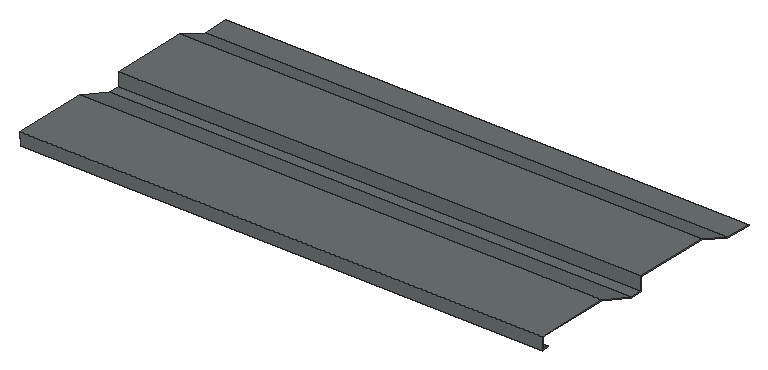
Revit family "BIMLIB_СайдингМеталлическийКорабельнаяДоска_GRANDLINE", category Обобщенные модели, Revit 2017
Family settings
  Может служить основой для арматурных стержней = Нет
  Размер круглого соединителя = Использовать диаметр
  Тип детали = Нормальный
  При загрузке вырезать с полостями = Нет
  Общий = Нет
  Точка расчета площади = Нет
Parameters (values of type "Корабельная доска")
  Смещение от плоскости [instance] = 0 mm
  Описание = ADSK_Наименование  # "Металлический сайдинг Корабельная доска"
  Изготовитель = "Grand Line"  # constant formula
  built-in parameter 1001306 [instance] = 500 mm
  Watermark [instance] = "Модели защищены уникальным кодом"
  URL = "https://www.grandline.ru"
  BL_Разработано = "support@bimlib.pro"
  BL_Email = "info@grandline.ru"
  BL_BIM library = "https://bimlib.pro/manufacturer/company/22430"
  ADSK_Размер_Ширина = 240 mm
  ADSK_Размер_Длина [instance] = [built-in parameter 1001306]  # 500 mm
  ADSK_Обозначение = "ГОСТ 19904-90, ГОСТ 14918-80"
  ADSK_Наименование = "Металлический сайдинг Корабельная доска"
  ADSK_Материал тип подсчета = 2  # constant formula
  ADSK_Материал = GL_Drap_RAL7016
  ADSK_Масса_Текст [instance] = ""
  ADSK_Масса [instance] = 0
  ADSK_Марка = ""
  ADSK_Количество [instance] = if(ADSK_Материал тип подсчета = 0, 1, if(ADSK_Материал тип подсчета = 1, ADSK_Размер_Длина / 1000 mm, if(ADSK_Материал тип подсчета = 2, ADSK_Размер_Длина * ADSK_Размер_Ширина / 1.00 m², 0)))  # 0.12
  ADSK_Код изделия = ""
  ADSK_Завод-изготовитель = "Grand Line"  # constant formula
  ADSK_Единица измерения = "м2"  # constant formula
  ADSK_Группирование = "Сайдинг"  # constant formula
  ADSK_Версия Revit = "2017"  # constant formula
  ADSK_URL страницы изделия = "https://www.grandline.ru/shop/fasad/metallicheskij-sajding/korabelnaya-doska-grand-line/"
  ADSK_URL документации изделия = "https://www.grandline.ru/shop/fasad/metallicheskij-sajding/korabelnaya-doska-grand-line/tehnicheskaya-dokumentaciya/#techdoc"
Reference planes
  plane 1 "По центру (Вперед/Назад)": y = 0
  plane 2: z = 0
  plane 3 "Слева": x = 0
  plane 4 "Справа": x = 500
  plane 5: y = 240
Forms (mm)
  Sweep 1, solid, material "GL_Drap_RAL7016" <- "ADSK_Материал"
    path in 3D
      loop
        line (0, 0, 0) -> (500, 0, 0)
    profile "Профиль_СайдингМеталлическийДоскаКорабельная : Профиль_СайдингМеталлическийДоскаКорабельная" origin (250, 0, 0) x (0, 1, 0) y (0, 0, 1)
      loop
        line (246.5, 0) -> (246.5, 0.8) -> (222.5, 0.8) -> (190.5, 13.5) -> (117.5, 13.5) -> (117.5, 0.8) -> (106.64, 0.8) -> (71.491, 13.5) -> (0, 13.5) -> (0, 1.5) -> (7, 1.5) -> (7, 2.3) -> (0.8, 2.3) -> (0.8, 12.7) -> (71.351, 12.7) -> (106.5, 0) -> (118.3, 0) -> (118.3, 12.7) -> (190.347, 12.7) -> (222.347, 0) -> (246.5, 0)
Lines and regions (mm)
  reference lines
    curve 1: line (0, 0, 0) -> (500, 0, 0)
  sketch lines
    curve 2: line (0, 0, 0) -> (500, 0, 0)
Dimensions and locks
  "built-in parameter 1001306": plane 3 "Слева" to plane 4 "Справа"
  aligned and locked: plane 4 "Справа" to curve 1
  aligned and locked: plane 1 "По центру (Вперед/Назад)" to curve 1
  aligned and locked: plane 3 "Слева" to curve 1
  aligned and locked: level to plane 2
